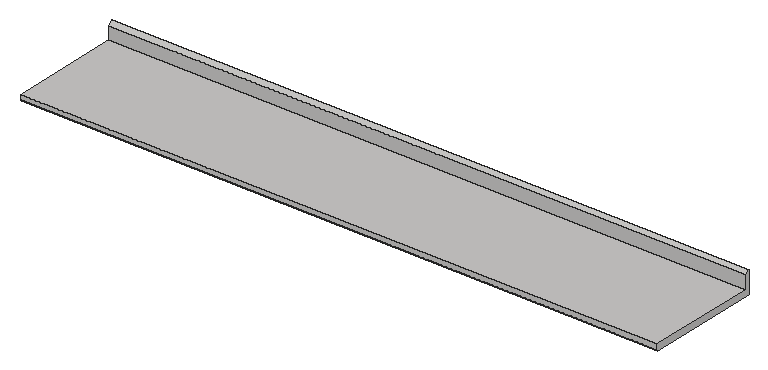
Revit family "QF_ELECTROLUXPROFESSIONAL_121177_TPLA39A", category Attrezzature speciali, Revit 2020
Family settings
  Quota connettore circolare = Usa diametro
  Tipo di parte = Normale
  Basato su piano di lavoro = No
  Sempre verticale = Sì
  Taglio con vuoti quando caricato = No
  Condiviso = No
  Punto di calcolo locali = No
Parameters (values of type "Standard")
  Weight = 123.00 kg
  Watts = 0 W
  Volts = 0 V
  URL Manufacturer = "https://www.electroluxprofessional.com/"
  URL = "https://www.electroluxprofessional.com/"
  Steam Supply Size = 0 mm
  Steam Supply Minimum Pressure = 0.0 Pa
  Steam Supply Maximum Pressure = 0.0 Pa
  Steam Consumption per Hour = 0
  Refrigeration Suction Line Size = 0.0 mm
  Refrigeration Liquid Line Size = 0.0 mm
  Refrigerant Compressor Remote = yes
  Prospetto di default = 0.0 mm
  Phase = 0
  Modello = "TPLA39A"
  Produttore = "Electrolux Professional"
  Length Actual = 3900.0 mm  # constant formula
  Item Number = "121177"
  Hot Water Size = 0 mm
  Height Actual = 140.0 mm  # constant formula
  HP = "0 HP"
  Gas Size = 0 mm
  Gas KW = 0
  Gas Input Pressure = 0 W
  Direct Waste Size = 0 mm
  Descrizione = "WORK TOP WITH UPSTAND 3900MM"
  Depth Actual = 700.0 mm  # constant formula
  Cycle = 0 Hz
  Condensate Return Size = 0 mm
  Compressed Air Volume = 0.0 L/s
  Compressed Air Size = 0 mm
  Compressed Air Pressure = 0.0 Pa
  Cold Water Size = 0 mm
  Accessory = yes
Reference planes
  plane 1 "Center (Front/Back)": y = 0
  plane 2: z = 0
  plane 3 "Center (Left/Right)": x = -1450
  plane 4 "LEFT": x = -3400
  plane 5 "RIGHT": x = 500
  plane 6 "BACK": y = 350
  plane 7 "FRONT": y = -350
  plane 8 "TOP": z = 1000
  plane 9: z = 900
  plane 10: z = 860
Forms (mm)
  Extrusion 1, solid, material "QF_Finishes_Stainless Steel"
    sketch origin (-1450, 0, 0) x (0, 1, 0) y (0, 0, 1)
      loop
        line (350, 1000) -> (330, 980) -> (330, 900) -> (-350, 900) -> (-350, 870) -> (-340, 860) -> (350, 860) -> (350, 1000)
    from 1950 to -1950
Lines and regions (mm)
  symbolic lines
    curve 1: line (500, 350, 1000) -> (-3400, 350, 1000)
    curve 2: line (-3400, 350, 1000) -> (-3400, -350, 1000)
    curve 3: line (-3400, -350, 1000) -> (500, -350, 1000)
    curve 4: line (500, -350, 1000) -> (500, 350, 1000)
    curve 5: line (-3400, 330, 1000) -> (500, 330, 1000)
Dimensions and locks
  plane 4 "LEFT" to plane 5 "RIGHT" = 3900.0 mm
  equal spacing: plane 4 "LEFT", plane 3 "Center (Left/Right)", plane 5 "RIGHT"
  plane 6 "BACK" to plane 7 "FRONT" = 700.0 mm
  equal spacing: plane 6 "BACK", plane 1 "Center (Front/Back)", plane 7 "FRONT"
  locked: plane 8 "TOP" to plane 9 at 100
  locked: plane 6 "BACK" to Extrusion 1 sketch curve at 20
  plane 10 to level = 860.0 mm
  plane 8 "TOP" to plane 10 = 140.0 mm
  aligned and locked: level to plane 2
  aligned and locked: Extrusion 1 to plane 4 "LEFT"
  aligned and locked: plane 5 "RIGHT" to Extrusion 1
  aligned and locked: curve 2 to plane 4 "LEFT"
  aligned and locked: Extrusion 1 sketch curve to plane 9
  aligned and locked: Extrusion 1 sketch curve to plane 6 "BACK"
  aligned and locked: plane 7 "FRONT" to Extrusion 1 sketch curve
  aligned and locked: plane 10 to Extrusion 1 sketch curve
Automatic sketch dimensions
  curve 3 to plane 7 "FRONT" = 0.0 mm
  curve 4 to plane 5 "RIGHT" = 0.0 mm
  curve 4 to plane 6 "BACK" = 0.0 mm
  curve 5 to plane 6 "BACK" = 20.0 mm
  Extrusion 1 sketch curve to plane 8 "TOP" = 0.0 mm
  Extrusion 1 sketch curve to plane 8 "TOP" = 20.0 mm
  plane 7 "FRONT" to Extrusion 1 sketch curve = 10.0 mm
  level to Extrusion 1 sketch curve = 870.0 mm
